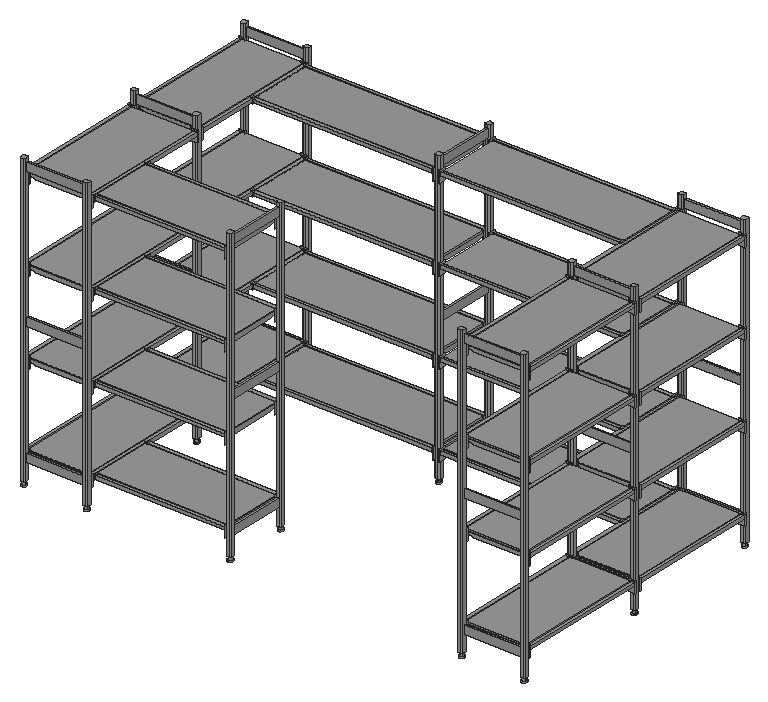
Revit family "QF_ZANUSSI_137105_CRS2816", category Attrezzature speciali, Revit 2020
Family settings
  Quota connettore circolare = Usa diametro
  Tipo di parte = Normale
  Basato su piano di lavoro = No
  Sempre verticale = Sì
  Taglio con vuoti quando caricato = No
  Condiviso = No
  Punto di calcolo locali = No
Parameters (values of type "Standard")
  Weight = 100.00 kg
  Watts = 0 W
  Volts = 0 V
  URL Manufacturer = "http://www.zanussiprofessional.com"
  URL = "http://www.zanussiprofessional.com"
  Steam Supply Size = 0 mm
  Steam Supply Minimum Pressure = 0.0 Pa
  Steam Supply Maximum Pressure = 0.0 Pa
  Steam Consumption per Hour = 0
  Refrigeration Suction Line Size = 0 mm
  Refrigeration Liquid Line Size = 0 mm
  Refrigerant Compressor Remote = yes
  Prospetto di default = 0 mm
  Produttore = "Zanussi"
  Phase = 0
  Modello = "CRS2816"
  Length Actual = 708 mm  # constant formula
  Item Number = "137105"
  Hot Water Size = 0 mm
  Height Actual = 1550 mm  # constant formula
  HP = "0 HP"
  Gas Size = 0 mm
  Gas KW = 0
  Gas Input Pressure = 0 W
  Direct Waste Size = 0 mm
  Descrizione = "ALUM.SHELV.,POLY.TIERS-COLDROOM 283X163"
  Depth Actual = 373 mm  # constant formula
  Cycle = 0 Hz
  Condensate Return Size = 0 mm
  Compressed Air Volume = 0.0 L/s
  Compressed Air Size = 0 mm
  Compressed Air Pressure = 0.0 Pa
  Cold Water Size = 0 mm
  Accessory = yes
Reference planes
  plane 1 "Center (Front/Back)": y = 0
  plane 2: z = 0
  plane 3 "Center (Left/Right)": x = 0
  plane 4: x = -1415
  plane 5: y = 815
  plane 6: y = -815
  plane 7: x = 1415
  plane 8: x = -1369
  plane 9: x = 1369
  plane 10: y = 758
  plane 11: y = -758
Forms (mm)
  Extrusion 1, solid, material "QF_Clearances", detail levels coarse
    sketch origin (0, 0, 0) x (1, 0, 0) y (0, 1, 0)
      loop
        line (-1415, -815) -> (295, -815) -> (295, -758) -> (-1369, -758) -> (-1369, 758) -> (1369, 758) -> (1369, -758) -> (969, -758) -> (969, -815) -> (1415, -815) -> (1415, 815) -> (-1415, 815) -> (-1415, -815)
    from 0 to 1590
Lines and regions (mm)
  symbolic lines, style "QF_Clearances"
    curve 1: line (-1415, 815, 0) -> (-1415, -815, 0)
    curve 2: line (1415, 815, 0) -> (-1415, 815, 0)
    curve 3: line (1415, -815, 0) -> (1415, 815, 0)
  symbolic lines
    curve 4: line (-1413.483, -55, 0) -> (-1415, -55, 0)
Dimensions and locks
  equal spacing: plane 5, plane 1 "Center (Front/Back)", plane 6
  plane 5 to plane 6 = 1630 mm
  equal spacing: plane 4, plane 3 "Center (Left/Right)", plane 7
  plane 4 to plane 7 = 2830 mm
  plane 4 to plane 8 = 46 mm
  plane 8 to plane 9 = 2738 mm
  plane 11 to plane 6 = 57 mm
  plane 10 to plane 11 = 1516 mm
  Extrusion 1 to nested 5 = 57 mm
  plane 8 to nested 7 = 1117 mm
  nested 7 to Extrusion 1 = 547 mm
  plane 4 to Extrusion 1 = 1710 mm
  aligned and locked: level to plane 2
  aligned and locked: plane 4 to Extrusion 1 sketch curve
  aligned and locked: Extrusion 1 sketch curve to plane 5
  aligned and locked: Extrusion 1 sketch curve to plane 7
  aligned and locked: Extrusion 1 sketch curve to plane 8
  aligned and locked: Extrusion 1 sketch curve to plane 10
  aligned and locked: plane 9 to Extrusion 1 sketch curve
  aligned and locked: Extrusion 1 sketch curve to plane 11
  aligned and locked: Extrusion 1 sketch curve to plane 6
Automatic sketch dimensions
  curve 1 to plane 4 = 0 mm
  plane 5 to curve 3 = 0 mm
  curve 3 to plane 7 = 0 mm
  curve 1 to plane 6 = 0 mm
  plane 6 to curve 3 = 0 mm
  curve 4 to curve 4 = 1.517 mm
  plane 1 "Center (Front/Back)" to curve 4 = 55 mm
  plane 3 "Center (Left/Right)" to Extrusion 1 sketch curve = 295 mm
  Extrusion 1 sketch curve to plane 9 = 400 mm
  plane 6 to Extrusion 1 sketch curve = 0 mm
  plane 11 to Extrusion 1 sketch curve = 0 mm
Nested families
  nested 1: "QF_708" at (-1346, 403, 0) x (0, 1, 0) z (0, 0, 1), type "QF_708"
  nested 2: "QF_708" at (1019, 403, 0) x (0, 1, 0) z (0, 0, 1), type "QF_708"
  nested 3: "QF_708" at (1019, -341, 0) x (0, 1, 0) z (0, 0, 1), type "QF_708"
  nested 4: "QF_974G" at (535.5, 506.5, 0) x (0, -1, 0) z (0, 0, 1), type "QF_974G"
  nested 5: "QF_974G" at (-535.5, 506.5, 0) x (0, -1, 0) z (0, 0, 1), type "QF_974G"
  nested 6: "QF_708" at (-1346, -341, 0) x (0, 1, 0) z (0, 0, 1), type "QF_708"
  nested 7: "QF_708G" at (-801.5, -506.5, 0) x (0, 1, 0) z (0, 0, 1), type "QF_708G"
Definition of nested family "QF_708"
  Parameters
    Default Elevation = 0 mm
    Model = "137010"
    Manufacturer = "Electrolux Professional"
    Description = ""
  Reference planes
    plane 1: z = 0
    plane 2 "Center (Left/Right)": x = -31
    plane 3 "LEFT": x = -417
    plane 4 "RIGHT": x = 355
    plane 5 "BACK": y = 23
    plane 6 "FRONT": y = -350
    plane 7 "TOP": z = 1700
    plane 8: x = 350
    plane 9: x = -385
    plane 10: x = 323
    plane 11 "Center (Front/Back)": y = -163.5
    plane 12: x = 318
    plane 13: y = -8.5
    plane 14: y = -318.5
    plane 15 "FEET": z = 25
    plane 16: z = 140
    plane 17: z = 590
    plane 18: z = 1040
    plane 19: z = 1490
    plane 20 "CXLeft": x = -403
    plane 21 "CXRight": x = 341
    plane 22: y = 5.5
    plane 23 "CYBack": y = 5.5
    plane 24 "CYFront": y = -332.5
  Forms (mm)
    Extrusion 1, solid
      sketch origin (-417, 0, 0) x (0, 1, 0) y (0, 0, 1)
        loop
          line (4, 1515.994) -> (4, 1497.998) -> (23, 1497.998) -> (23, 1515.994) -> (4, 1515.994)
        loop
          line (-331, 1515.994) -> (-350, 1515.994) -> (-350, 1497.998) -> (-331, 1497.998) -> (-331, 1515.994)
        loop
          line (4, 1065.994) -> (4, 1047.998) -> (23, 1047.998) -> (23, 1065.994) -> (4, 1065.994)
        loop
          line (-331, 1065.994) -> (-350, 1065.994) -> (-350, 1047.998) -> (-331, 1047.998) -> (-331, 1065.994)
        loop
          line (4, 615.994) -> (4, 597.998) -> (23, 597.998) -> (23, 615.994) -> (4, 615.994)
        loop
          line (-331, 615.994) -> (-350, 615.994) -> (-350, 597.998) -> (-331, 597.998) -> (-331, 615.994)
        loop
          line (4, 165.994) -> (4, 147.998) -> (23, 147.998) -> (23, 165.994) -> (4, 165.994)
        loop
          line (-331, 165.994) -> (-350, 165.994) -> (-350, 147.998) -> (-331, 147.998) -> (-331, 165.994)
      from 32 to 740
    Extrusion 2, solid
      sketch origin (-417, 0, 135) x (0, 1, 0) y (0, 0, 1)
        loop
          line (2.007, 1380.994) -> (-329, 1380.994) -> (-329, 1374.496) -> (2.007, 1374.496) -> (2.007, 1380.994)
        loop
          line (2.007, 930.994) -> (-329, 930.994) -> (-329, 924.496) -> (2.007, 924.496) -> (2.007, 930.994)
        loop
          line (2.007, 480.994) -> (-329, 480.994) -> (-329, 474.496) -> (2.007, 474.496) -> (2.007, 480.994)
        loop
          line (2.007, 30.994) -> (-329, 30.994) -> (-329, 24.496) -> (2.007, 24.496) -> (2.007, 30.994)
      from 32 to 740
    Extrusion 3, solid
      sketch origin (355, 0, 135) x (0, 1, 0) y (0, 0, 1)
        loop
          line (-12, 1362.998) -> (4, 1362.998) -> (4, 1380.994) -> (2.007, 1380.994) -> (2.007, 1374.496) -> (-329, 1374.496) -> (-329, 1380.994) -> (-331, 1380.994) -> (-331, 1362.998) -> (-315, 1362.998) -> (-281, 1350.994) -> (-46, 1350.994) -> (-12, 1362.998)
        loop
          line (-12, 912.998) -> (4, 912.998) -> (4, 930.994) -> (2.007, 930.994) -> (2.007, 924.496) -> (-329, 924.496) -> (-329, 930.994) -> (-331, 930.994) -> (-331, 912.998) -> (-315, 912.998) -> (-281, 900.994) -> (-46, 900.994) -> (-12, 912.998)
        loop
          line (-12, 462.998) -> (4, 462.998) -> (4, 480.994) -> (2.007, 480.994) -> (2.007, 474.496) -> (-329, 474.496) -> (-329, 480.994) -> (-331, 480.994) -> (-331, 462.998) -> (-315, 462.998) -> (-281, 450.994) -> (-46, 450.994) -> (-12, 462.998)
        loop
          line (-12, 12.998) -> (4, 12.998) -> (4, 30.994) -> (2.007, 30.994) -> (2.007, 24.496) -> (-329, 24.496) -> (-329, 30.994) -> (-331, 30.994) -> (-331, 12.998) -> (-315, 12.998) -> (-281, 0.994) -> (-46, 0.994) -> (-12, 12.998)
      from -32 to -37
  Lines and regions (mm)
    symbolic lines
      curve 1: line (323, 4, 1700) -> (-385, 4, 1700)
      curve 2: line (-389, 23, 1700) -> (327, 23, 1700)
      curve 3: line (327, 13.246, 1700) -> (333.254, 19.5, 1700)
      curve 4: line (333.254, -8.5, 1700) -> (327, -2.246, 1700)
      curve 5: line (333.254, -318.5, 1700) -> (327, -324.754, 1700)
      curve 6: line (-389, -350, 1700) -> (327, -350, 1700)
      curve 7: line (327, 23, 1700) -> (327, -12.993, 1700)
      curve 8: line (327, -12.993, 1700) -> (323, -12.993, 1700)
      curve 9: line (327, -350, 1700) -> (327, -314.007, 1700)
      curve 10: line (327, -314.007, 1700) -> (323, -314.007, 1700)
      curve 11: line (-385, -12.993, 1700) -> (-385, -314.007, 1700)
      curve 12: line (-385, -331, 1700) -> (323, -331, 1700)
      curve 13: line (323, -12.993, 1700) -> (323, -314.007, 1700)
  Dimensions and locks
    locked: plane 3 "LEFT" to plane 4 "RIGHT" at 772
    equal spacing: plane 3 "LEFT", plane 2 "Center (Left/Right)", plane 4 "RIGHT"
    locked: plane 7 "TOP" to level at 1700
    locked: plane 5 "BACK" to plane 6 "FRONT" at 373
    locked: plane 4 "RIGHT" to plane 8 at 5
    locked: plane 9 to plane 10 at 708
    locked: plane 3 "LEFT" to plane 9 at 32
    plane 12 to plane 10 = 5 mm
    locked: plane 13 to plane 14 at 310
    equal spacing: plane 13, plane 11 "Center (Front/Back)", plane 14
    equal spacing: plane 5 "BACK", plane 11 "Center (Front/Back)", plane 6 "FRONT"
    plane 15 "FEET" to level = 25 mm
    plane 7 "TOP" to plane 15 "FEET" = 1675 mm
    plane 17 to plane 16 = 450 mm
    plane 18 to plane 17 = 450 mm
    plane 19 to plane 18 = 450 mm
    locked: plane 3 "LEFT" to plane 20 "CXLeft" at 14
    locked: plane 21 "CXRight" to plane 4 "RIGHT" at 14
    locked: plane 5 "BACK" to plane 23 "CYBack" at 17.5
    locked: plane 24 "CYFront" to plane 6 "FRONT" at 17.5
    plane 16 to level = 140 mm
    plane 17 to level = 590 mm
    plane 18 to level = 1040 mm
    plane 19 to level = 1490 mm
    aligned and locked: level to plane 1
    aligned and locked: plane 9 to Extrusion 2
    aligned and locked: Extrusion 2 to plane 10
    aligned and locked: plane 9 to Extrusion 1
    aligned and locked: Extrusion 1 to plane 10
    aligned and locked: Extrusion 1 sketch curve to Extrusion 1 sketch curve  (x2)
    aligned and locked: Extrusion 3 sketch curve to Extrusion 3 sketch curve  (x3)
    aligned and locked: Extrusion 3 to plane 12
    aligned and locked: Extrusion 3 to plane 10
    aligned and locked: plane 20 "CXLeft" to nested 1
    aligned and locked: plane 21 "CXRight" to nested 2
  Automatic sketch dimensions
    Extrusion 1 sketch curve to plane 6 "FRONT" = 0 mm  (x4)
    Extrusion 1 sketch curve to plane 5 "BACK" = 0 mm  (x4)
    plane 24 "CYFront" to Extrusion 1 sketch curve = 1.5 mm  (x2)
    plane 22 to Extrusion 1 sketch curve = 1.5 mm  (x4)
    plane 16 to Extrusion 1 sketch curve = 7.998 mm  (x2)
    Extrusion 1 sketch curve to Extrusion 1 sketch curve = 17.997 mm  (x8)
    plane 17 to Extrusion 1 sketch curve = 7.998 mm  (x2)
    plane 18 to Extrusion 1 sketch curve = 7.998 mm  (x2)
    plane 19 to Extrusion 1 sketch curve = 7.998 mm  (x2)
    plane 24 "CYFront" to Extrusion 2 sketch curve = 3.5 mm  (x4)
    plane 22 to Extrusion 2 sketch curve = 3.493 mm  (x4)
    plane 16 to Extrusion 2 sketch curve = 19.496 mm
    Extrusion 2 sketch curve to Extrusion 2 sketch curve = 6.499 mm  (x4)
    plane 17 to Extrusion 2 sketch curve = 19.496 mm
    plane 18 to Extrusion 2 sketch curve = 19.496 mm
    plane 19 to Extrusion 2 sketch curve = 19.496 mm
    plane 24 "CYFront" to Extrusion 3 sketch curve = 1.5 mm  (x4)
    Extrusion 3 sketch curve to Extrusion 3 sketch curve = 2 mm
    plane 14 to Extrusion 3 sketch curve = 3.5 mm  (x4)
    Extrusion 3 sketch curve to plane 16 = 4.006 mm
    Extrusion 3 sketch curve to Extrusion 3 sketch curve = 34 mm  (x4)
    Extrusion 3 sketch curve to plane 17 = 4.006 mm
    Extrusion 3 sketch curve to plane 18 = 4.006 mm
    Extrusion 3 sketch curve to plane 19 = 4.006 mm
    Extrusion 3 sketch curve to plane 13 = 37.5 mm  (x4)
    Extrusion 3 sketch curve to plane 13 = 3.5 mm  (x4)
    plane 22 to Extrusion 3 sketch curve = 3.493 mm  (x4)
    plane 22 to Extrusion 3 sketch curve = 1.5 mm  (x4)
    plane 16 to Extrusion 3 sketch curve = 7.998 mm  (x2)
    Extrusion 3 sketch curve to Extrusion 3 sketch curve = 11.498 mm  (x4)
    Extrusion 3 sketch curve to Extrusion 3 sketch curve = 6.499 mm  (x8)
    plane 17 to Extrusion 3 sketch curve = 7.998 mm  (x2)
    plane 18 to Extrusion 3 sketch curve = 7.998 mm  (x2)
    plane 19 to Extrusion 3 sketch curve = 7.998 mm  (x2)
    curve 6 to plane 6 "FRONT" = 0 mm
    curve 12 to plane 9 = 0 mm
    curve 12 to plane 10 = 0 mm
    curve 5 to plane 14 = 0 mm
    curve 11 to plane 9 = 0 mm
    curve 8 to plane 10 = 0 mm
    curve 4 to plane 13 = 0 mm
    curve 1 to plane 9 = 0 mm
    curve 1 to plane 10 = 0 mm
    curve 2 to plane 5 "BACK" = 0 mm
    plane 14 to curve 10 = 4.493 mm
    curve 7 to plane 13 = 4.493 mm
    curve 10 to plane 10 = 4 mm
    curve 7 to plane 10 = 4 mm
    plane 24 "CYFront" to curve 12 = 1.5 mm
    curve 5 to plane 14 = 6.254 mm
    plane 14 to curve 11 = 4.493 mm
    curve 11 to plane 13 = 4.493 mm
    plane 13 to curve 4 = 6.254 mm
    plane 22 to curve 1 = 1.5 mm
    curve 3 to plane 22 = 7.746 mm
    curve 3 to plane 5 "BACK" = 3.5 mm
    curve 5 to curve 9 = 6.254 mm
    curve 3 to curve 2 = 6.254 mm
    curve 4 to curve 7 = 6.254 mm
    plane 9 to curve 2 = 4 mm
    plane 9 to curve 6 = 4 mm
  Nested families
    nested 1: "WT_Anta373B" at (0, 0, 0), type "WT_Anta373B"
    nested 2: "WT_Anta373B" at (-62, 0, 0) x (-1, 0, 0) z (0, 0, 1), type "WT_Anta373B"
  Definition of nested family "WT_Anta373B"
    Parameters
      WidthLeft = A + 64 mm  # 772 mm
      Width = 1606 mm
      Right = WidthLeft / 2  # 386 mm
      Default Elevation = 0 mm
      Left = -WidthLeft / 2  # -386 mm
      Height = 1590 mm
      FEET = 25 mm
      E = 0 mm
      Dint = Depth - 63 mm  # 310 mm
      Dext = Depth - 8 mm  # 365 mm
      Depth = 373 mm
      DX = (WidthLeft - A) / 2  # 32 mm
      B = 798 mm
      A = 708 mm
    Reference planes
      plane 1: z = 0
      plane 2 "LEFT": x = -417
      plane 3 "BACK": y = 23
      plane 4 "FRONT": y = -350
      plane 5 "TOP": z = 1590
      plane 6 "Center (Front/Back)": y = -163.5
      plane 7: y = -8.5
      plane 8: y = -318.5
      plane 9 "FEET": z = 25
      plane 10: z = 140
      plane 11: z = 590
      plane 12: z = 1040
      plane 13: z = 1490
      plane 14 "CXLeft": x = -403
      plane 15: y = 5.5
      plane 16 "CYBack": y = 5.5
      plane 17 "CYFront": y = -332.5
      plane 18: x = -385.031
      plane 19: x = -380.031
    Forms (mm)
      Extrusion 1, solid
        sketch origin (0, 0, 0) x (1, 0, 0) y (0, 1, 0)
          loop
            line (-417, 13.246) -> (-417, -2.246) -> (-410.746, -8.5) -> (-395.254, -8.5) -> (-389, -2.246) -> (-389, 13.246) -> (-395.254, 19.5) -> (-410.746, 19.5) -> (-417, 13.246)
        from 1590 to 25
      Extrusion 2, solid
        sketch origin (-417, 0, 0) x (0, 1, 0) y (0, 0, 1)
          loop
            line (23, 111.005) -> (23, 172.993) -> (-12.993, 172.993) -> (-12.993, 111.005) -> (23, 111.005)
          loop
            line (-350, 111.005) -> (-314.007, 111.005) -> (-314.007, 172.993) -> (-350, 172.993) -> (-350, 111.005)
          loop
            line (23, 561.005) -> (23, 622.993) -> (-12.993, 622.993) -> (-12.993, 561.005) -> (23, 561.005)
          loop
            line (-350, 561.005) -> (-314.007, 561.005) -> (-314.007, 622.993) -> (-350, 622.993) -> (-350, 561.005)
          loop
            line (23, 1011.005) -> (23, 1072.993) -> (-12.993, 1072.993) -> (-12.993, 1011.005) -> (23, 1011.005)
          loop
            line (-350, 1011.005) -> (-314.007, 1011.005) -> (-314.007, 1072.993) -> (-350, 1072.993) -> (-350, 1011.005)
          loop
            line (23, 1461.005) -> (23, 1522.993) -> (-12.993, 1522.993) -> (-12.993, 1461.005) -> (23, 1461.005)
          loop
            line (-350, 1461.005) -> (-314.007, 1461.005) -> (-314.007, 1522.993) -> (-350, 1522.993) -> (-350, 1461.005)
        from 28 to 32
      Revolve 3, solid
        sketch origin (-403, 0, 0) x (0, 1, 0) y (0, 0, 1)
          loop
            line (5.5, 25) -> (5.5, 0) -> (19, 0) -> (19, 5) -> (14, 5) -> (14, 25) -> (5.5, 25)
          axis (5.5, 25) -> (5.5, 0)
        angle from 0 to 360
      Extrusion 4, solid
        sketch origin (-403, 0, 0) x (0, 1, 0) y (0, 0, 1)
          loop
            line (-8.5, 777.382) -> (-8.5, 822.374) -> (-318.5, 822.374) -> (-318.5, 777.382) -> (-8.5, 777.382)
          loop
            line (-8.5, 1527.244) -> (-8.5, 1572.236) -> (-318.5, 1572.236) -> (-318.5, 1527.244) -> (-8.5, 1527.244)
        from -5 to 5
      Revolve 5, solid
        sketch origin (-403, -627, 0) x (0, -1, 0) y (0, 0, 1)
          loop
            line (-294.5, 25) -> (-294.5, 0) -> (-281, 0) -> (-281, 5) -> (-286, 5) -> (-286, 25) -> (-294.5, 25)
          axis (-294.5, 25) -> (-294.5, 0)
        angle from 0 to 360
      Extrusion 6, solid
        sketch origin (0, -627, 0) x (1, 0, 0) y (0, 1, 0)
          loop
            line (-417, 286.754) -> (-410.746, 280.5) -> (-395.254, 280.5) -> (-389, 286.754) -> (-389, 302.246) -> (-395.254, 308.5) -> (-410.746, 308.5) -> (-417, 302.246) -> (-417, 286.754)
        from 1590 to 25
      Extrusion 7, solid
        sketch origin (-417.031, -0.022, 0) x (0, 1, 0) y (0, 0, -1)
          loop
            line (-12, -1497.998) -> (-46, -1485.994) -> (-281, -1485.994) -> (-315, -1497.998) -> (-331, -1497.998) -> (-331, -1515.994) -> (-329, -1515.994) -> (-329, -1509.496) -> (2.007, -1509.496) -> (2.007, -1515.994) -> (4, -1515.994) -> (4, -1497.998) -> (-12, -1497.998)
          loop
            line (-12, -1047.998) -> (-46, -1035.994) -> (-281, -1035.994) -> (-315, -1047.998) -> (-331, -1047.998) -> (-331, -1065.994) -> (-329, -1065.994) -> (-329, -1059.496) -> (2.007, -1059.496) -> (2.007, -1065.994) -> (4, -1065.994) -> (4, -1047.998) -> (-12, -1047.998)
          loop
            line (-12, -597.998) -> (-46, -585.994) -> (-281, -585.994) -> (-315, -597.998) -> (-331, -597.998) -> (-331, -615.994) -> (-329, -615.994) -> (-329, -609.496) -> (2.007, -609.496) -> (2.007, -615.994) -> (4, -615.994) -> (4, -597.998) -> (-12, -597.998)
          loop
            line (-12, -147.998) -> (-46, -135.994) -> (-281, -135.994) -> (-315, -147.998) -> (-331, -147.998) -> (-331, -165.994) -> (-329, -165.994) -> (-329, -159.496) -> (2.007, -159.496) -> (2.007, -165.994) -> (4, -165.994) -> (4, -147.998) -> (-12, -147.998)
        from -32 to -37
      Extrusion 8, solid
        sketch origin (-403, 0, -659.878) x (0, 1, 0) y (0, 0, 1)
          loop
            line (-8.5, 777.382) -> (-8.5, 822.374) -> (-318.5, 822.374) -> (-318.5, 777.382) -> (-8.5, 777.382)
          loop
            line (-8.5, 1437.382) -> (-8.5, 1482.374) -> (-318.5, 1482.374) -> (-318.5, 1437.382) -> (-8.5, 1437.382)
          loop
            line (-8.5, 2187.382) -> (-8.5, 2232.374) -> (-318.5, 2232.374) -> (-318.5, 2187.382) -> (-8.5, 2187.382)
        from -5 to 5
    Lines and regions (mm)
      symbolic lines
        curve 1: line (-408, -8.5, 1590) -> (-408, -318.5, 1590)
        curve 2: line (-398, -318.5, 1590) -> (-398, -8.5, 1590)
        curve 3: line (-395.254, -8.5, 1590) -> (-410.746, -8.5, 1590)
        curve 4: line (-417, -2.246, 1590) -> (-410.746, -8.5, 1590)
        curve 5: line (-417, 13.246, 1590) -> (-417, -2.246, 1590)
        curve 6: line (-410.746, 19.5, 1590) -> (-417, 13.246, 1590)
        curve 7: line (-395.254, 19.5, 1590) -> (-410.746, 19.5, 1590)
        curve 8: line (-389, 13.246, 1590) -> (-395.254, 19.5, 1590)
        curve 9: line (-395.254, -8.5, 1590) -> (-389, -2.246, 1590)
        curve 10: line (-395.254, -318.5, 1590) -> (-410.746, -318.5, 1590)
        curve 11: line (-417, -324.754, 1590) -> (-410.746, -318.5, 1590)
        curve 12: line (-410.746, -346.5, 1590) -> (-417, -340.246, 1590)
        curve 13: line (-395.254, -346.5, 1590) -> (-410.746, -346.5, 1590)
        curve 14: line (-389, -340.246, 1590) -> (-395.254, -346.5, 1590)
        curve 15: line (-395.254, -318.5, 1590) -> (-389, -324.754, 1590)
        curve 16: line (-389, -350, 1590) -> (-389, -314.007, 1590)
        curve 17: line (-389, -314.007, 1590) -> (-385, -314.007, 1590)
        curve 18: line (-389, 23, 1590) -> (-389, -12.993, 1590)
        curve 19: line (-389, -12.993, 1590) -> (-385, -12.993, 1590)
        curve 20: line (-417, -324.754, 1590) -> (-417, -340.246, 1590)
        curve 21: line (-385, -350, 1590) -> (-385, -314.007, 1590)
        curve 22: line (-385, -350, 1590) -> (-389, -350, 1590)
        curve 23: line (-385, 23, 1590) -> (-389, 23, 1590)
        curve 24: line (-385, -12.993, 1590) -> (-385, 23, 1590)
        curve 25: line (-385.031, -13.016, 1725) -> (-385.031, -314.029, 1725)
    Dimensions and locks
      "Depth": plane 3 "BACK" to plane 4 "FRONT"
      "Dint": plane 7 to plane 8
      equal spacing: plane 7, plane 6 "Center (Front/Back)", plane 8
      equal spacing: plane 3 "BACK", plane 6 "Center (Front/Back)", plane 4 "FRONT"
      plane 9 "FEET" to level = 25 mm
      plane 10 to plane 9 "FEET" = 115 mm
      plane 11 to plane 10 = 450 mm
      plane 12 to plane 11 = 450 mm
      plane 13 to plane 12 = 450 mm
      locked: plane 2 "LEFT" to plane 14 "CXLeft" at 14
      locked: plane 3 "BACK" to plane 16 "CYBack" at 17.5
      locked: plane 17 "CYFront" to plane 4 "FRONT" at 17.5
      locked: Revolve 3 sketch curve to Revolve 3 sketch curve at 8.5
      locked: Revolve 3 sketch curve to plane 16 "CYBack" at 13.5
      locked: Revolve 5 sketch curve to Revolve 5 sketch curve at 8.5
      plane 10 to level = 140 mm
      plane 11 to level = 590 mm
      plane 12 to level = 1040 mm
      plane 13 to level = 1490 mm
      "Height": plane 5 "TOP" to level
      aligned and locked: level to plane 1
      aligned and locked: curve 20 to Extrusion 6
      aligned and locked: plane 5 "TOP" to Extrusion 1
      aligned and locked: plane 5 "TOP" to Extrusion 6
      aligned and locked: Extrusion 7 sketch curve to Extrusion 7 sketch curve  (x3)
    Automatic sketch dimensions
      curve 16 to plane 4 "FRONT" = 0 mm
      curve 11 to plane 8 = 0 mm
      curve 9 to plane 7 = 0 mm
      curve 5 to plane 2 "LEFT" = 0 mm
      curve 23 to plane 3 "BACK" = 0 mm
      plane 4 "FRONT" to curve 13 = 3.5 mm
      curve 20 to plane 17 "CYFront" = 7.746 mm
      curve 20 to plane 8 = 6.254 mm
      plane 8 to curve 16 = 4.493 mm
      curve 24 to plane 18 = 0.031 mm
      curve 24 to plane 7 = 4.493 mm
      plane 7 to curve 5 = 6.254 mm
      curve 5 to plane 15 = 7.746 mm
      curve 6 to plane 3 "BACK" = 3.5 mm
      curve 21 to plane 18 = 0.031 mm
      plane 18 to curve 23 = 3.969 mm
      plane 18 to curve 16 = 3.969 mm
      curve 18 to curve 8 = 6.254 mm
      curve 18 to curve 3 = 6.254 mm
      curve 16 to curve 13 = 6.254 mm
      curve 16 to curve 15 = 6.254 mm
      plane 2 "LEFT" to curve 10 = 6.254 mm
      plane 2 "LEFT" to curve 7 = 6.254 mm
      plane 2 "LEFT" to curve 12 = 6.254 mm
      plane 2 "LEFT" to curve 3 = 6.254 mm
      curve 14 to plane 17 "CYFront" = 7.746 mm
      curve 15 to plane 8 = 6.254 mm
      plane 7 to curve 9 = 6.254 mm
      curve 8 to plane 15 = 7.746 mm
      curve 3 to curve 2 = 2.746 mm
      curve 1 to curve 10 = 2.746 mm
      Extrusion 1 sketch curve to plane 2 "LEFT" = 0 mm
      Extrusion 1 sketch curve to plane 7 = 0 mm
      plane 2 "LEFT" to Extrusion 1 sketch curve = 6.254 mm  (x2)
      plane 14 "CXLeft" to Extrusion 1 sketch curve = 7.746 mm  (x2)
      Extrusion 1 sketch curve to plane 3 "BACK" = 3.5 mm
      plane 18 to Extrusion 1 sketch curve = 3.969 mm
      plane 7 to Extrusion 1 sketch curve = 6.254 mm  (x2)
      Extrusion 1 sketch curve to plane 15 = 7.746 mm  (x2)
      Extrusion 2 sketch curve to plane 4 "FRONT" = 0 mm  (x4)
      Extrusion 2 sketch curve to plane 3 "BACK" = 0 mm  (x4)
      plane 8 to Extrusion 2 sketch curve = 4.493 mm  (x4)
      Extrusion 2 sketch curve to plane 7 = 4.493 mm  (x4)
      Extrusion 2 sketch curve to plane 10 = 28.995 mm  (x2)
      plane 10 to Extrusion 2 sketch curve = 32.993 mm  (x2)
      Extrusion 2 sketch curve to plane 11 = 28.995 mm  (x2)
      plane 11 to Extrusion 2 sketch curve = 32.993 mm  (x2)
      Extrusion 2 sketch curve to plane 12 = 28.995 mm  (x2)
      plane 12 to Extrusion 2 sketch curve = 32.993 mm  (x2)
      Extrusion 2 sketch curve to plane 13 = 28.995 mm  (x2)
      plane 13 to Extrusion 2 sketch curve = 32.993 mm  (x2)
      Revolve 3 sketch curve to plane 9 "FEET" = 0 mm  (x2)
      Revolve 3 sketch curve to plane 15 = 0 mm  (x2)
      Revolve 3 sketch curve to level = 0 mm
      level to Revolve 3 sketch curve = 5 mm
      Revolve 3 sketch curve to Revolve 3 sketch curve = 11.655 mm
      Extrusion 4 sketch curve to plane 8 = 0 mm  (x2)
      Extrusion 4 sketch curve to plane 7 = 0 mm  (x2)
      plane 11 to Extrusion 4 sketch curve = 187.382 mm
      Extrusion 4 sketch curve to Extrusion 4 sketch curve = 44.992 mm
      plane 13 to Extrusion 4 sketch curve = 37.244 mm
      Extrusion 4 sketch curve to plane 5 "TOP" = 17.764 mm
      Revolve 5 sketch curve to plane 9 "FEET" = 0 mm  (x2)
      Revolve 5 sketch curve to plane 17 "CYFront" = 0 mm  (x2)
      Revolve 5 sketch curve to level = 0 mm
      Revolve 5 sketch curve to plane 4 "FRONT" = 4 mm
      Revolve 5 sketch curve to Revolve 5 sketch curve = 5 mm
      level to Revolve 5 sketch curve = 11.655 mm
      Extrusion 6 sketch curve to plane 2 "LEFT" = 0 mm
      Extrusion 6 sketch curve to plane 8 = 0 mm
      Extrusion 6 sketch curve to plane 2 "LEFT" = 6.254 mm  (x2)
      Extrusion 6 sketch curve to plane 14 "CXLeft" = 7.746 mm  (x2)
      Extrusion 6 sketch curve to plane 4 "FRONT" = 3.5 mm
      Extrusion 6 sketch curve to plane 18 = 3.969 mm
      plane 8 to Extrusion 6 sketch curve = 6.254 mm  (x2)
      plane 17 "CYFront" to Extrusion 6 sketch curve = 7.746 mm  (x2)
      plane 17 "CYFront" to Extrusion 7 sketch curve = 1.478 mm  (x4)
      Extrusion 7 sketch curve to Extrusion 7 sketch curve = 2 mm
      plane 8 to Extrusion 7 sketch curve = 3.478 mm  (x4)
      Extrusion 7 sketch curve to plane 10 = 4.006 mm
      Extrusion 7 sketch curve to Extrusion 7 sketch curve = 34 mm  (x4)
      Extrusion 7 sketch curve to plane 11 = 4.006 mm
      Extrusion 7 sketch curve to plane 12 = 4.006 mm
      Extrusion 7 sketch curve to plane 13 = 4.006 mm
      Extrusion 7 sketch curve to plane 7 = 37.522 mm  (x4)
      Extrusion 7 sketch curve to plane 7 = 3.522 mm  (x4)
      plane 15 to Extrusion 7 sketch curve = 3.516 mm  (x4)
      plane 15 to Extrusion 7 sketch curve = 1.522 mm  (x4)
      plane 13 to Extrusion 7 sketch curve = 7.998 mm  (x2)
      Extrusion 7 sketch curve to Extrusion 7 sketch curve = 11.498 mm
      Extrusion 7 sketch curve to Extrusion 7 sketch curve = 6.499 mm  (x5)
      plane 12 to Extrusion 7 sketch curve = 25.994 mm  (x2)
      plane 12 to Extrusion 7 sketch curve = 7.998 mm  (x2)
      plane 11 to Extrusion 7 sketch curve = 25.994 mm  (x2)
      plane 11 to Extrusion 7 sketch curve = 7.998 mm  (x2)
      plane 10 to Extrusion 7 sketch curve = 25.994 mm  (x2)
      plane 10 to Extrusion 7 sketch curve = 7.998 mm  (x2)
      curve 25 to plane 18 = 0 mm
      plane 8 to curve 25 = 4.471 mm
      curve 25 to plane 7 = 4.516 mm
      Extrusion 8 sketch curve to plane 8 = 0 mm  (x3)
      Extrusion 8 sketch curve to plane 7 = 0 mm  (x3)
      Extrusion 8 sketch curve to plane 10 = 22.496 mm
      plane 10 to Extrusion 8 sketch curve = 22.496 mm
      plane 11 to Extrusion 8 sketch curve = 187.504 mm
      Extrusion 8 sketch curve to Extrusion 8 sketch curve = 44.992 mm
      plane 13 to Extrusion 8 sketch curve = 37.504 mm
      Extrusion 8 sketch curve to plane 5 "TOP" = 17.504 mm
Definition of nested family "QF_974G"
  Parameters
    Default Elevation = 0 mm
    Model = "137033"
    Manufacturer = "Electrolux Professional"
    Description = ""
  Reference planes
    plane 1: z = 0
    plane 2 "Center (F/B)": y = -163.5
    plane 3 "Front": y = -549.5
    plane 4 "Left": x = -217.5
    plane 5 "Right": x = 155.5
    plane 6 "TOP": z = 1700
    plane 7: y = -513
    plane 8: y = 461
    plane 9 "Center (Left/Right)": x = -31
    plane 10: y = 456
    plane 11: x = -186
    plane 12: x = 124
    plane 13 "FEET": z = 25
    plane 14: z = 140
    plane 15: z = 590
    plane 16: z = 1040
    plane 17: z = 1490
    plane 18 "CXLeft": y = -535.5
    plane 19: x = -200
    plane 20 "CYBack": x = -200
    plane 21 "CYFront": x = 138
    plane 22 "Back": y = 469.5
    plane 23 "LEFT_ORIGIN": x = -251.5
    plane 24 "BACK_Origin": y = 842.5
  Forms (mm)
    Extrusion 1, solid
      sketch origin (0, -549.5, 0) x (-1, 0, 0) y (0, 0, 1)
        loop
          line (198.5, 1515.994) -> (198.5, 1497.998) -> (217.5, 1497.998) -> (217.5, 1515.994) -> (198.5, 1515.994)
        loop
          line (-136.5, 1515.994) -> (-155.5, 1515.994) -> (-155.5, 1497.998) -> (-136.5, 1497.998) -> (-136.5, 1515.994)
        loop
          line (198.5, 1065.994) -> (198.5, 1047.998) -> (217.5, 1047.998) -> (217.5, 1065.994) -> (198.5, 1065.994)
        loop
          line (-136.5, 1065.994) -> (-155.5, 1065.994) -> (-155.5, 1047.998) -> (-136.5, 1047.998) -> (-136.5, 1065.994)
        loop
          line (198.5, 615.994) -> (198.5, 597.998) -> (217.5, 597.998) -> (217.5, 615.994) -> (198.5, 615.994)
        loop
          line (-136.5, 615.994) -> (-155.5, 615.994) -> (-155.5, 597.998) -> (-136.5, 597.998) -> (-136.5, 615.994)
        loop
          line (198.5, 165.994) -> (198.5, 147.998) -> (217.5, 147.998) -> (217.5, 165.994) -> (198.5, 165.994)
        loop
          line (-136.5, 165.994) -> (-155.5, 165.994) -> (-155.5, 147.998) -> (-136.5, 147.998) -> (-136.5, 165.994)
      from 36.5 to 1010.5
    Extrusion 2, solid
      sketch origin (0, -549.5, 0) x (-1, 0, 0) y (0, 0, 1)
        loop
          line (196.507, 1515.994) -> (-134.5, 1515.994) -> (-134.5, 1509.496) -> (196.507, 1509.496) -> (196.507, 1515.994)
        loop
          line (196.507, 1065.994) -> (-134.5, 1065.994) -> (-134.5, 1059.496) -> (196.507, 1059.496) -> (196.507, 1065.994)
        loop
          line (196.507, 615.994) -> (-134.5, 615.994) -> (-134.5, 609.496) -> (196.507, 609.496) -> (196.507, 615.994)
        loop
          line (196.507, 165.994) -> (-134.5, 165.994) -> (-134.5, 159.496) -> (196.507, 159.496) -> (196.507, 165.994)
      from 36.5 to 1010.5
  Lines and regions (mm)
    symbolic lines
      curve 1: line (-198.5, 461, 1700) -> (-198.5, -513, 1700)
      curve 2: line (-217.5, -517, 1700) -> (-217.5, 461, 1700)
      curve 3: line (155.5, -517, 1700) -> (155.5, 461, 1700)
      curve 4: line (-181.507, -513, 1700) -> (119.507, -513, 1700)
      curve 5: line (136.5, -513, 1700) -> (136.5, 461, 1700)
      curve 6: line (-198.5, 461, 1700) -> (136.5, 461, 1700)
  Dimensions and locks
    plane 3 "Front" to plane 2 "Center (F/B)" = 386 mm
    locked: plane 4 "Left" to plane 5 "Right" at 373
    locked: plane 7 to plane 8 at 974
    locked: plane 3 "Front" to plane 7 at 36.5
    plane 10 to plane 8 = 5 mm
    locked: plane 11 to plane 12 at 310
    equal spacing: plane 11, plane 9 "Center (Left/Right)", plane 12
    equal spacing: plane 4 "Left", plane 9 "Center (Left/Right)", plane 5 "Right"
    locked: plane 3 "Front" to plane 18 "CXLeft" at 14
    locked: plane 3 "Front" to plane 22 "Back" at 1019
    plane 23 "LEFT_ORIGIN" to plane 5 "Right" = 407 mm
    locked: plane 22 "Back" to plane 24 "BACK_Origin" at 373
    plane 14 to level = 140 mm
    plane 15 to level = 590 mm
    plane 16 to level = 1040 mm
    locked: plane 6 "TOP" to level at 1700
    plane 17 to level = 1490 mm
    plane 13 "FEET" to level = 25 mm
    aligned and locked: level to plane 1
    aligned and locked: Extrusion 2 to plane 7
    aligned and locked: plane 8 to Extrusion 2
    aligned and locked: Extrusion 1 to plane 7
    aligned and locked: plane 8 to Extrusion 1
    aligned and locked: Extrusion 1 sketch curve to Extrusion 1 sketch curve  (x2)
    aligned and locked: nested 1 to plane 18 "CXLeft"
    aligned and locked: nested 2 to plane 10
  Automatic sketch dimensions
    curve 2 to plane 4 "Left" = 0 mm
    curve 3 to plane 5 "Right" = 0 mm
    plane 7 to curve 1 = 0 mm
    plane 7 to curve 4 = 0 mm
    plane 7 to curve 5 = 0 mm
    plane 8 to curve 2 = 0 mm
    plane 8 to curve 1 = 0 mm
    plane 8 to curve 3 = 0 mm
    plane 21 "CYFront" to curve 5 = 1.5 mm
    plane 19 to curve 6 = 1.5 mm
    plane 7 to curve 3 = 4 mm
    plane 7 to curve 2 = 4 mm
    plane 12 to curve 4 = 4.493 mm
    curve 4 to plane 11 = 4.493 mm
    plane 5 "Right" to Extrusion 1 sketch curve = 0 mm  (x4)
    plane 4 "Left" to Extrusion 1 sketch curve = 0 mm  (x4)
    plane 21 "CYFront" to Extrusion 1 sketch curve = 1.5 mm  (x2)
    plane 19 to Extrusion 1 sketch curve = 1.5 mm  (x4)
    plane 14 to Extrusion 1 sketch curve = 7.998 mm  (x2)
    Extrusion 1 sketch curve to Extrusion 1 sketch curve = 17.997 mm  (x8)
    plane 15 to Extrusion 1 sketch curve = 7.998 mm  (x2)
    plane 16 to Extrusion 1 sketch curve = 7.998 mm  (x2)
    plane 17 to Extrusion 1 sketch curve = 7.998 mm  (x2)
    plane 21 "CYFront" to Extrusion 2 sketch curve = 3.5 mm  (x4)
    plane 19 to Extrusion 2 sketch curve = 3.493 mm  (x4)
    plane 14 to Extrusion 2 sketch curve = 19.496 mm
    Extrusion 2 sketch curve to Extrusion 2 sketch curve = 6.499 mm  (x4)
    plane 15 to Extrusion 2 sketch curve = 19.496 mm
    plane 16 to Extrusion 2 sketch curve = 19.496 mm
    plane 17 to Extrusion 2 sketch curve = 19.496 mm
  Nested families
    nested 1: "WT_Anta373B" at (-194.5, -132.5, 0) x (0, 1, 0) z (0, 0, 1), type "WT_Anta373B"
    nested 2: "WT_Aggancio373B" at (-194.5, 873, 0) x (0, 1, 0) z (0, 0, 1), type "WT_Aggancio373B"
  Definition of nested family "WT_Anta373B"
    Parameters
      WidthLeft = A + 64 mm  # 772 mm
      Width = 1606 mm
      Right = WidthLeft / 2  # 386 mm
      Default Elevation = 0 mm
      Left = -WidthLeft / 2  # -386 mm
      Height = 1590 mm
      FEET = 25 mm
      E = 0 mm
      Dint = Depth - 63 mm  # 310 mm
      Dext = Depth - 8 mm  # 365 mm
      Depth = 373 mm
      DX = (WidthLeft - A) / 2  # 32 mm
      B = 798 mm
      A = 708 mm
    Reference planes
      plane 1: z = 0
      plane 2 "LEFT": x = -417
      plane 3 "BACK": y = 23
      plane 4 "FRONT": y = -350
      plane 5 "TOP": z = 1590
      plane 6 "Center (Front/Back)": y = -163.5
      plane 7: y = -8.5
      plane 8: y = -318.5
      plane 9 "FEET": z = 25
      plane 10: z = 140
      plane 11: z = 590
      plane 12: z = 1040
      plane 13: z = 1490
      plane 14 "CXLeft": x = -403
      plane 15: y = 5.5
      plane 16 "CYBack": y = 5.5
      plane 17 "CYFront": y = -332.5
      plane 18: x = -385.031
      plane 19: x = -380.031
    Forms (mm)
      Extrusion 1, solid
        sketch origin (0, 0, 0) x (1, 0, 0) y (0, 1, 0)
          loop
            line (-417, 13.246) -> (-417, -2.246) -> (-410.746, -8.5) -> (-395.254, -8.5) -> (-389, -2.246) -> (-389, 13.246) -> (-395.254, 19.5) -> (-410.746, 19.5) -> (-417, 13.246)
        from 1590 to 25
      Extrusion 2, solid
        sketch origin (-417, 0, 0) x (0, 1, 0) y (0, 0, 1)
          loop
            line (23, 111.005) -> (23, 172.993) -> (-12.993, 172.993) -> (-12.993, 111.005) -> (23, 111.005)
          loop
            line (-350, 111.005) -> (-314.007, 111.005) -> (-314.007, 172.993) -> (-350, 172.993) -> (-350, 111.005)
          loop
            line (23, 561.005) -> (23, 622.993) -> (-12.993, 622.993) -> (-12.993, 561.005) -> (23, 561.005)
          loop
            line (-350, 561.005) -> (-314.007, 561.005) -> (-314.007, 622.993) -> (-350, 622.993) -> (-350, 561.005)
          loop
            line (23, 1011.005) -> (23, 1072.993) -> (-12.993, 1072.993) -> (-12.993, 1011.005) -> (23, 1011.005)
          loop
            line (-350, 1011.005) -> (-314.007, 1011.005) -> (-314.007, 1072.993) -> (-350, 1072.993) -> (-350, 1011.005)
          loop
            line (23, 1461.005) -> (23, 1522.993) -> (-12.993, 1522.993) -> (-12.993, 1461.005) -> (23, 1461.005)
          loop
            line (-350, 1461.005) -> (-314.007, 1461.005) -> (-314.007, 1522.993) -> (-350, 1522.993) -> (-350, 1461.005)
        from 28 to 32
      Revolve 3, solid
        sketch origin (-403, 0, 0) x (0, 1, 0) y (0, 0, 1)
          loop
            line (5.5, 25) -> (5.5, 0) -> (19, 0) -> (19, 5) -> (14, 5) -> (14, 25) -> (5.5, 25)
          axis (5.5, 25) -> (5.5, 0)
        angle from 0 to 360
      Extrusion 4, solid
        sketch origin (-403, 0, 0) x (0, 1, 0) y (0, 0, 1)
          loop
            line (-8.5, 777.382) -> (-8.5, 822.374) -> (-318.5, 822.374) -> (-318.5, 777.382) -> (-8.5, 777.382)
          loop
            line (-8.5, 1527.244) -> (-8.5, 1572.236) -> (-318.5, 1572.236) -> (-318.5, 1527.244) -> (-8.5, 1527.244)
        from -5 to 5
      Revolve 5, solid
        sketch origin (-403, -627, 0) x (0, -1, 0) y (0, 0, 1)
          loop
            line (-294.5, 25) -> (-294.5, 0) -> (-281, 0) -> (-281, 5) -> (-286, 5) -> (-286, 25) -> (-294.5, 25)
          axis (-294.5, 25) -> (-294.5, 0)
        angle from 0 to 360
      Extrusion 6, solid
        sketch origin (0, -627, 0) x (1, 0, 0) y (0, 1, 0)
          loop
            line (-417, 286.754) -> (-410.746, 280.5) -> (-395.254, 280.5) -> (-389, 286.754) -> (-389, 302.246) -> (-395.254, 308.5) -> (-410.746, 308.5) -> (-417, 302.246) -> (-417, 286.754)
        from 1590 to 25
      Extrusion 7, solid
        sketch origin (-417.031, -0.022, 0) x (0, 1, 0) y (0, 0, -1)
          loop
            line (-12, -1497.998) -> (-46, -1485.994) -> (-281, -1485.994) -> (-315, -1497.998) -> (-331, -1497.998) -> (-331, -1515.994) -> (-329, -1515.994) -> (-329, -1509.496) -> (2.007, -1509.496) -> (2.007, -1515.994) -> (4, -1515.994) -> (4, -1497.998) -> (-12, -1497.998)
          loop
            line (-12, -1047.998) -> (-46, -1035.994) -> (-281, -1035.994) -> (-315, -1047.998) -> (-331, -1047.998) -> (-331, -1065.994) -> (-329, -1065.994) -> (-329, -1059.496) -> (2.007, -1059.496) -> (2.007, -1065.994) -> (4, -1065.994) -> (4, -1047.998) -> (-12, -1047.998)
          loop
            line (-12, -597.998) -> (-46, -585.994) -> (-281, -585.994) -> (-315, -597.998) -> (-331, -597.998) -> (-331, -615.994) -> (-329, -615.994) -> (-329, -609.496) -> (2.007, -609.496) -> (2.007, -615.994) -> (4, -615.994) -> (4, -597.998) -> (-12, -597.998)
          loop
            line (-12, -147.998) -> (-46, -135.994) -> (-281, -135.994) -> (-315, -147.998) -> (-331, -147.998) -> (-331, -165.994) -> (-329, -165.994) -> (-329, -159.496) -> (2.007, -159.496) -> (2.007, -165.994) -> (4, -165.994) -> (4, -147.998) -> (-12, -147.998)
        from -32 to -37
      Extrusion 8, solid
        sketch origin (-403, 0, -659.878) x (0, 1, 0) y (0, 0, 1)
          loop
            line (-8.5, 777.382) -> (-8.5, 822.374) -> (-318.5, 822.374) -> (-318.5, 777.382) -> (-8.5, 777.382)
          loop
            line (-8.5, 1437.382) -> (-8.5, 1482.374) -> (-318.5, 1482.374) -> (-318.5, 1437.382) -> (-8.5, 1437.382)
          loop
            line (-8.5, 2187.382) -> (-8.5, 2232.374) -> (-318.5, 2232.374) -> (-318.5, 2187.382) -> (-8.5, 2187.382)
        from -5 to 5
    Lines and regions (mm)
      symbolic lines
        curve 1: line (-408, -8.5, 1590) -> (-408, -318.5, 1590)
        curve 2: line (-398, -318.5, 1590) -> (-398, -8.5, 1590)
        curve 3: line (-395.254, -8.5, 1590) -> (-410.746, -8.5, 1590)
        curve 4: line (-417, -2.246, 1590) -> (-410.746, -8.5, 1590)
        curve 5: line (-417, 13.246, 1590) -> (-417, -2.246, 1590)
        curve 6: line (-410.746, 19.5, 1590) -> (-417, 13.246, 1590)
        curve 7: line (-395.254, 19.5, 1590) -> (-410.746, 19.5, 1590)
        curve 8: line (-389, 13.246, 1590) -> (-395.254, 19.5, 1590)
        curve 9: line (-395.254, -8.5, 1590) -> (-389, -2.246, 1590)
        curve 10: line (-395.254, -318.5, 1590) -> (-410.746, -318.5, 1590)
        curve 11: line (-417, -324.754, 1590) -> (-410.746, -318.5, 1590)
        curve 12: line (-410.746, -346.5, 1590) -> (-417, -340.246, 1590)
        curve 13: line (-395.254, -346.5, 1590) -> (-410.746, -346.5, 1590)
        curve 14: line (-389, -340.246, 1590) -> (-395.254, -346.5, 1590)
        curve 15: line (-395.254, -318.5, 1590) -> (-389, -324.754, 1590)
        curve 16: line (-389, -350, 1590) -> (-389, -314.007, 1590)
        curve 17: line (-389, -314.007, 1590) -> (-385, -314.007, 1590)
        curve 18: line (-389, 23, 1590) -> (-389, -12.993, 1590)
        curve 19: line (-389, -12.993, 1590) -> (-385, -12.993, 1590)
        curve 20: line (-417, -324.754, 1590) -> (-417, -340.246, 1590)
        curve 21: line (-385, -350, 1590) -> (-385, -314.007, 1590)
        curve 22: line (-385, -350, 1590) -> (-389, -350, 1590)
        curve 23: line (-385, 23, 1590) -> (-389, 23, 1590)
        curve 24: line (-385, -12.993, 1590) -> (-385, 23, 1590)
        curve 25: line (-385.031, -13.016, 1725) -> (-385.031, -314.029, 1725)
    Dimensions and locks
      "Depth": plane 3 "BACK" to plane 4 "FRONT"
      "Dint": plane 7 to plane 8
      equal spacing: plane 7, plane 6 "Center (Front/Back)", plane 8
      equal spacing: plane 3 "BACK", plane 6 "Center (Front/Back)", plane 4 "FRONT"
      plane 9 "FEET" to level = 25 mm
      plane 10 to plane 9 "FEET" = 115 mm
      plane 11 to plane 10 = 450 mm
      plane 12 to plane 11 = 450 mm
      plane 13 to plane 12 = 450 mm
      locked: plane 2 "LEFT" to plane 14 "CXLeft" at 14
      locked: plane 3 "BACK" to plane 16 "CYBack" at 17.5
      locked: plane 17 "CYFront" to plane 4 "FRONT" at 17.5
      locked: Revolve 3 sketch curve to Revolve 3 sketch curve at 8.5
      locked: Revolve 3 sketch curve to plane 16 "CYBack" at 13.5
      locked: Revolve 5 sketch curve to Revolve 5 sketch curve at 8.5
      plane 10 to level = 140 mm
      plane 11 to level = 590 mm
      plane 12 to level = 1040 mm
      plane 13 to level = 1490 mm
      "Height": plane 5 "TOP" to level
      aligned and locked: level to plane 1
      aligned and locked: curve 20 to Extrusion 6
      aligned and locked: plane 5 "TOP" to Extrusion 1
      aligned and locked: plane 5 "TOP" to Extrusion 6
      aligned and locked: Extrusion 7 sketch curve to Extrusion 7 sketch curve  (x3)
    Automatic sketch dimensions
      curve 16 to plane 4 "FRONT" = 0 mm
      curve 11 to plane 8 = 0 mm
      curve 9 to plane 7 = 0 mm
      curve 5 to plane 2 "LEFT" = 0 mm
      curve 23 to plane 3 "BACK" = 0 mm
      plane 4 "FRONT" to curve 13 = 3.5 mm
      curve 20 to plane 17 "CYFront" = 7.746 mm
      curve 20 to plane 8 = 6.254 mm
      plane 8 to curve 16 = 4.493 mm
      curve 24 to plane 18 = 0.031 mm
      curve 24 to plane 7 = 4.493 mm
      plane 7 to curve 5 = 6.254 mm
      curve 5 to plane 15 = 7.746 mm
      curve 6 to plane 3 "BACK" = 3.5 mm
      curve 21 to plane 18 = 0.031 mm
      plane 18 to curve 23 = 3.969 mm
      plane 18 to curve 16 = 3.969 mm
      curve 18 to curve 8 = 6.254 mm
      curve 18 to curve 3 = 6.254 mm
      curve 16 to curve 13 = 6.254 mm
      curve 16 to curve 15 = 6.254 mm
      plane 2 "LEFT" to curve 10 = 6.254 mm
      plane 2 "LEFT" to curve 7 = 6.254 mm
      plane 2 "LEFT" to curve 12 = 6.254 mm
      plane 2 "LEFT" to curve 3 = 6.254 mm
      curve 14 to plane 17 "CYFront" = 7.746 mm
      curve 15 to plane 8 = 6.254 mm
      plane 7 to curve 9 = 6.254 mm
      curve 8 to plane 15 = 7.746 mm
      curve 3 to curve 2 = 2.746 mm
      curve 1 to curve 10 = 2.746 mm
      Extrusion 1 sketch curve to plane 2 "LEFT" = 0 mm
      Extrusion 1 sketch curve to plane 7 = 0 mm
      plane 2 "LEFT" to Extrusion 1 sketch curve = 6.254 mm  (x2)
      plane 14 "CXLeft" to Extrusion 1 sketch curve = 7.746 mm  (x2)
      Extrusion 1 sketch curve to plane 3 "BACK" = 3.5 mm
      plane 18 to Extrusion 1 sketch curve = 3.969 mm
      plane 7 to Extrusion 1 sketch curve = 6.254 mm  (x2)
      Extrusion 1 sketch curve to plane 15 = 7.746 mm  (x2)
      Extrusion 2 sketch curve to plane 4 "FRONT" = 0 mm  (x4)
      Extrusion 2 sketch curve to plane 3 "BACK" = 0 mm  (x4)
      plane 8 to Extrusion 2 sketch curve = 4.493 mm  (x4)
      Extrusion 2 sketch curve to plane 7 = 4.493 mm  (x4)
      Extrusion 2 sketch curve to plane 10 = 28.995 mm  (x2)
      plane 10 to Extrusion 2 sketch curve = 32.993 mm  (x2)
      Extrusion 2 sketch curve to plane 11 = 28.995 mm  (x2)
      plane 11 to Extrusion 2 sketch curve = 32.993 mm  (x2)
      Extrusion 2 sketch curve to plane 12 = 28.995 mm  (x2)
      plane 12 to Extrusion 2 sketch curve = 32.993 mm  (x2)
      Extrusion 2 sketch curve to plane 13 = 28.995 mm  (x2)
      plane 13 to Extrusion 2 sketch curve = 32.993 mm  (x2)
      Revolve 3 sketch curve to plane 9 "FEET" = 0 mm  (x2)
      Revolve 3 sketch curve to plane 15 = 0 mm  (x2)
      Revolve 3 sketch curve to level = 0 mm
      level to Revolve 3 sketch curve = 5 mm
      Revolve 3 sketch curve to Revolve 3 sketch curve = 11.655 mm
      Extrusion 4 sketch curve to plane 8 = 0 mm  (x2)
      Extrusion 4 sketch curve to plane 7 = 0 mm  (x2)
      plane 11 to Extrusion 4 sketch curve = 187.382 mm
      Extrusion 4 sketch curve to Extrusion 4 sketch curve = 44.992 mm
      plane 13 to Extrusion 4 sketch curve = 37.244 mm
      Extrusion 4 sketch curve to plane 5 "TOP" = 17.764 mm
      Revolve 5 sketch curve to plane 9 "FEET" = 0 mm  (x2)
      Revolve 5 sketch curve to plane 17 "CYFront" = 0 mm  (x2)
      Revolve 5 sketch curve to level = 0 mm
      Revolve 5 sketch curve to plane 4 "FRONT" = 4 mm
      Revolve 5 sketch curve to Revolve 5 sketch curve = 5 mm
      level to Revolve 5 sketch curve = 11.655 mm
      Extrusion 6 sketch curve to plane 2 "LEFT" = 0 mm
      Extrusion 6 sketch curve to plane 8 = 0 mm
      Extrusion 6 sketch curve to plane 2 "LEFT" = 6.254 mm  (x2)
      Extrusion 6 sketch curve to plane 14 "CXLeft" = 7.746 mm  (x2)
      Extrusion 6 sketch curve to plane 4 "FRONT" = 3.5 mm
      Extrusion 6 sketch curve to plane 18 = 3.969 mm
      plane 8 to Extrusion 6 sketch curve = 6.254 mm  (x2)
      plane 17 "CYFront" to Extrusion 6 sketch curve = 7.746 mm  (x2)
      plane 17 "CYFront" to Extrusion 7 sketch curve = 1.478 mm  (x4)
      Extrusion 7 sketch curve to Extrusion 7 sketch curve = 2 mm
      plane 8 to Extrusion 7 sketch curve = 3.478 mm  (x4)
      Extrusion 7 sketch curve to plane 10 = 4.006 mm
      Extrusion 7 sketch curve to Extrusion 7 sketch curve = 34 mm  (x4)
      Extrusion 7 sketch curve to plane 11 = 4.006 mm
      Extrusion 7 sketch curve to plane 12 = 4.006 mm
      Extrusion 7 sketch curve to plane 13 = 4.006 mm
      Extrusion 7 sketch curve to plane 7 = 37.522 mm  (x4)
      Extrusion 7 sketch curve to plane 7 = 3.522 mm  (x4)
      plane 15 to Extrusion 7 sketch curve = 3.516 mm  (x4)
      plane 15 to Extrusion 7 sketch curve = 1.522 mm  (x4)
      plane 13 to Extrusion 7 sketch curve = 7.998 mm  (x2)
      Extrusion 7 sketch curve to Extrusion 7 sketch curve = 11.498 mm
      Extrusion 7 sketch curve to Extrusion 7 sketch curve = 6.499 mm  (x5)
      plane 12 to Extrusion 7 sketch curve = 25.994 mm  (x2)
      plane 12 to Extrusion 7 sketch curve = 7.998 mm  (x2)
      plane 11 to Extrusion 7 sketch curve = 25.994 mm  (x2)
      plane 11 to Extrusion 7 sketch curve = 7.998 mm  (x2)
      plane 10 to Extrusion 7 sketch curve = 25.994 mm  (x2)
      plane 10 to Extrusion 7 sketch curve = 7.998 mm  (x2)
      curve 25 to plane 18 = 0 mm
      plane 8 to curve 25 = 4.471 mm
      curve 25 to plane 7 = 4.516 mm
      Extrusion 8 sketch curve to plane 8 = 0 mm  (x3)
      Extrusion 8 sketch curve to plane 7 = 0 mm  (x3)
      Extrusion 8 sketch curve to plane 10 = 22.496 mm
      plane 10 to Extrusion 8 sketch curve = 22.496 mm
      plane 11 to Extrusion 8 sketch curve = 187.504 mm
      Extrusion 8 sketch curve to Extrusion 8 sketch curve = 44.992 mm
      plane 13 to Extrusion 8 sketch curve = 37.504 mm
      Extrusion 8 sketch curve to plane 5 "TOP" = 17.504 mm
  Definition of nested family "WT_Aggancio373B"
    Parameters
      WidthLeft = A + 64 mm  # 772 mm
      Width = 1606 mm
      Right = WidthLeft / 2  # 386 mm
      Default Elevation = 0 mm
      Left = -WidthLeft / 2  # -386 mm
      Height = 1590 mm
      FEET = 25 mm
      E = 0 mm
      Dint = Depth - 63 mm  # 310 mm
      Dext = Depth - 8 mm  # 365 mm
      Depth = 373 mm
      DX = (WidthLeft - A) / 2  # 32 mm
      B = 798 mm
      A = 708 mm
    Reference planes
      plane 1: z = 0
      plane 2 "LEFT": x = -417
      plane 3 "BACK": y = 23
      plane 4 "FRONT": y = -350
      plane 5 "TOP": z = 1590
      plane 6 "Center (Front/Back)": y = -163.5
      plane 7: y = -8.5
      plane 8: y = -318.5
      plane 9 "FEET": z = 25
      plane 10: z = 140
      plane 11: z = 590
      plane 12: z = 1040
      plane 13: z = 1490
      plane 14: y = 5.5
      plane 15 "CYBack": y = 5.5
      plane 16 "CYFront": y = -332.5
    Forms (mm)
      Extrusion 1, solid
        sketch origin (-380, -0.022, 0) x (0, 1, 0) y (0, 0, 1)
          loop
            line (-12, 1497.998) -> (4, 1497.998) -> (4, 1515.994) -> (2.007, 1515.994) -> (2.007, 1509.496) -> (-329, 1509.496) -> (-329, 1515.994) -> (-331, 1515.994) -> (-331, 1497.998) -> (-315, 1497.998) -> (-281, 1485.994) -> (-46, 1485.994) -> (-12, 1497.998)
          loop
            line (-12, 1047.998) -> (4, 1047.998) -> (4, 1065.994) -> (2.007, 1065.994) -> (2.007, 1059.496) -> (-329, 1059.496) -> (-329, 1065.994) -> (-331, 1065.994) -> (-331, 1047.998) -> (-315, 1047.998) -> (-281, 1035.994) -> (-46, 1035.994) -> (-12, 1047.998)
          loop
            line (-12, 597.998) -> (4, 597.998) -> (4, 615.994) -> (2.007, 615.994) -> (2.007, 609.496) -> (-329, 609.496) -> (-329, 615.994) -> (-331, 615.994) -> (-331, 597.998) -> (-315, 597.998) -> (-281, 585.994) -> (-46, 585.994) -> (-12, 597.998)
          loop
            line (-12, 147.998) -> (4, 147.998) -> (4, 165.994) -> (2.007, 165.994) -> (2.007, 159.496) -> (-329, 159.496) -> (-329, 165.994) -> (-331, 165.994) -> (-331, 147.998) -> (-315, 147.998) -> (-281, 135.994) -> (-46, 135.994) -> (-12, 147.998)
        from -32 to -37
      Extrusion 2, solid
        sketch origin (-793.062, -324.754, 6.5) x (1, 0, 0) y (0, 0, 1)
          loop
            line (385.062, 1509.496) -> (385.062, 1512.496) -> (376.062, 1512.496) -> (376.062, 1485.994) -> (390.031, 1485.994) -> (390.031, 1491.496) -> (381.062, 1491.496) -> (381.062, 1509.496) -> (385.062, 1509.496)
          loop
            line (385.062, 1059.496) -> (385.062, 1062.496) -> (376.062, 1062.496) -> (376.062, 1035.994) -> (390.031, 1035.994) -> (390.031, 1041.496) -> (381.062, 1041.496) -> (381.062, 1059.496) -> (385.062, 1059.496)
          loop
            line (385.062, 609.496) -> (385.062, 612.496) -> (376.062, 612.496) -> (376.062, 585.994) -> (390.031, 585.994) -> (390.031, 591.496) -> (381.062, 591.496) -> (381.062, 609.496) -> (385.062, 609.496)
          loop
            line (385.062, 159.496) -> (385.062, 162.496) -> (376.062, 162.496) -> (376.062, 135.994) -> (390.031, 135.994) -> (390.031, 141.496) -> (381.062, 141.496) -> (381.062, 159.496) -> (385.062, 159.496)
        from 6.268 to 25.246
      Extrusion 3, solid
        sketch origin (-793.062, 32.754, 6.5) x (1, 0, 0) y (0, 0, 1)
          loop
            line (385.062, 1509.496) -> (385.062, 1512.496) -> (376.062, 1512.496) -> (376.062, 1485.994) -> (390.031, 1485.994) -> (390.031, 1491.496) -> (381.062, 1491.496) -> (381.062, 1509.496) -> (385.062, 1509.496)
          loop
            line (385.062, 1059.496) -> (385.062, 1062.496) -> (376.062, 1062.496) -> (376.062, 1035.994) -> (390.031, 1035.994) -> (390.031, 1041.496) -> (381.062, 1041.496) -> (381.062, 1059.496) -> (385.062, 1059.496)
          loop
            line (385.062, 609.496) -> (385.062, 612.496) -> (376.062, 612.496) -> (376.062, 585.994) -> (390.031, 585.994) -> (390.031, 591.496) -> (381.062, 591.496) -> (381.062, 609.496) -> (385.062, 609.496)
          loop
            line (385.062, 159.496) -> (385.062, 162.496) -> (376.062, 162.496) -> (376.062, 135.994) -> (390.031, 135.994) -> (390.031, 141.496) -> (381.062, 141.496) -> (381.062, 159.496) -> (385.062, 159.496)
        from 9.754 to 28.776
    Lines and regions (mm)
      symbolic lines
        curve 1: line (-412, -350, 0) -> (-408, -350, 0)
        curve 2: line (-412, -331.022, 0) -> (-412, -350, 0)
        curve 3: line (-408, -331.022, 0) -> (-412, -331.022, 0)
        curve 4: line (-408, -350, 0) -> (-408, -331.022, 0)
        curve 5: line (-412, 3.978, 0) -> (-408, 3.978, 0)
        curve 6: line (-412, 23, 0) -> (-412, 3.978, 0)
        curve 7: line (-408, 23, 0) -> (-412, 23, 0)
        curve 8: line (-408, 3.978, 0) -> (-408, 23, 0)
    Dimensions and locks
      "Height": plane 5 "TOP" to level
      "Depth": plane 3 "BACK" to plane 4 "FRONT"
      "Dint": plane 7 to plane 8
      equal spacing: plane 7, plane 6 "Center (Front/Back)", plane 8
      equal spacing: plane 3 "BACK", plane 6 "Center (Front/Back)", plane 4 "FRONT"
      plane 9 "FEET" to level = 25 mm
      plane 10 to plane 9 "FEET" = 115 mm
      locked: plane 11 to plane 10 at 450
      locked: plane 12 to plane 11 at 450
      locked: plane 13 to plane 12 at 450
      locked: plane 3 "BACK" to plane 15 "CYBack" at 17.5
      locked: plane 16 "CYFront" to plane 4 "FRONT" at 17.5
      aligned and locked: level to plane 1
      aligned and locked: Extrusion 1 sketch curve to Extrusion 1 sketch curve  (x3)
    Automatic sketch dimensions
      plane 16 "CYFront" to Extrusion 1 sketch curve = 1.478 mm  (x4)
      Extrusion 1 sketch curve to Extrusion 1 sketch curve = 2 mm
      plane 8 to Extrusion 1 sketch curve = 3.478 mm  (x4)
      Extrusion 1 sketch curve to plane 10 = 4.006 mm
      Extrusion 1 sketch curve to Extrusion 1 sketch curve = 34 mm  (x4)
      Extrusion 1 sketch curve to plane 11 = 4.006 mm
      Extrusion 1 sketch curve to plane 12 = 4.006 mm
      Extrusion 1 sketch curve to plane 13 = 4.006 mm
      Extrusion 1 sketch curve to plane 7 = 37.522 mm  (x4)
      Extrusion 1 sketch curve to plane 7 = 3.522 mm  (x4)
      plane 14 to Extrusion 1 sketch curve = 3.516 mm  (x4)
      plane 14 to Extrusion 1 sketch curve = 1.522 mm  (x4)
      plane 10 to Extrusion 1 sketch curve = 7.998 mm  (x2)
      Extrusion 1 sketch curve to Extrusion 1 sketch curve = 11.498 mm  (x4)
      Extrusion 1 sketch curve to Extrusion 1 sketch curve = 6.499 mm  (x8)
      plane 11 to Extrusion 1 sketch curve = 7.998 mm  (x2)
      plane 12 to Extrusion 1 sketch curve = 7.998 mm  (x2)
      plane 13 to Extrusion 1 sketch curve = 7.998 mm  (x2)
      plane 2 "LEFT" to Extrusion 2 sketch curve = 0 mm  (x4)
      plane 13 to Extrusion 2 sketch curve = 7.996 mm
      plane 11 to Extrusion 2 sketch curve = 7.996 mm
      Extrusion 2 sketch curve to Extrusion 2 sketch curve = 5 mm  (x4)
      plane 11 to Extrusion 2 sketch curve = 2.494 mm
      plane 10 to Extrusion 2 sketch curve = 28.996 mm
